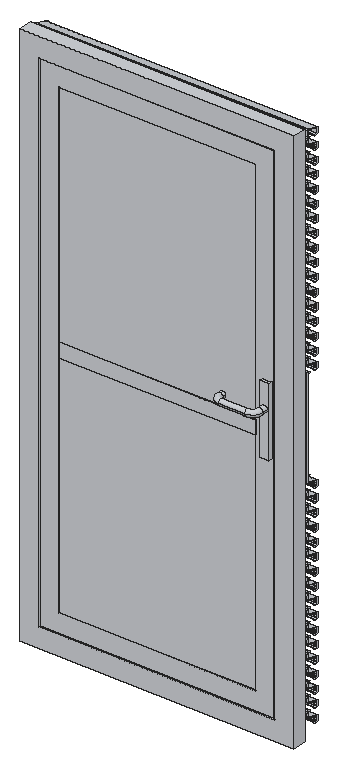
Revit family "NLRS_31_DO_WB_HJ44 enkele deur-AV_jazo_jazo", category Doors, host Wall, Revit 2020 (continued)
Definition of nested family "NLRS_31_GM_UN_aluminium planken opbouwroosters-AV"
  Definition of nested family "NLRS_31_GM_UN_tussenplank 100-AV"
    Parameters (values of type "tussenplank 100")
      Manufacturer = "Jazo Zevenaar bv"
      Description = "Aluminium tussenplank 100mm"
      Default Elevation = 0 mm
      Assembly Code = "23.30.10.11"
    Reference planes
      plane 1 "Center (Front/Back)": y = 0
      plane 2 "Bottom": z = 0
      plane 3 "Center (Left/Right)": x = 0
      plane 4 "Left": x = -52.5
      plane 5 "Right": x = 52.5
      plane 6 "Top": z = 2334
    Forms (mm)
      Extrusion 1, solid, material <- "NLRS_C_materiaal", visible <- "NLRS_C_zichtbaar_01"
        sketch origin (0, -15.008, 0) x (1, 0, 0) y (0, 1, 0)
          loop
            line (47.015, 30) -> (-52.5, 30) -> (-52.5, 28) -> (-49.253, 28) -> (-47.015, 22.295) -> (-47.015, 7.721) -> (-49.253, 2) -> (-52.5, 2) -> (-52.5, 0) -> (47.015, 0) -> (47.015, 2.5) -> (50.42, 2.5) -> (52.5, 7.815) -> (52.5, 22.2) -> (50.42, 27.5) -> (47.015, 27.5) -> (47.015, 30)
          loop
            line (-44.5, 2) -> (-36.3, 2) -> (-36.3, 4.5) -> (-34.3, 4.5) -> (-34.3, 2) -> (45.015, 2) -> (45.015, 4.25) -> (49.8, 4.25) -> (49.8, 25.75) -> (45.015, 25.75) -> (45.015, 28) -> (-34.3, 28) -> (-34.3, 25.5) -> (-36.3, 25.5) -> (-36.3, 28) -> (-44.5, 28) -> (-44.5, 2)
        from 0 to 2334
    Dimensions and locks
      equal spacing: plane 4 "Left", plane 3 "Center (Left/Right)", plane 5 "Right"
      "NLRS_C_breedte": plane 4 "Left" to plane 5 "Right"
      "NLRS_C_hoogte": plane 6 "Top" to plane 2 "Bottom"
      aligned and locked: level to plane 2 "Bottom"
      aligned and locked: plane 6 "Top" to Extrusion 1
      aligned and locked: Extrusion 1 to level
    Automatic sketch dimensions
      Extrusion 1 sketch curve to plane 4 "Left" = 0 mm  (x2)
      Extrusion 1 sketch curve to plane 5 "Right" = 0 mm
      Extrusion 1 sketch curve to plane 4 "Left" = 3.247 mm  (x2)
      Extrusion 1 sketch curve to plane 4 "Left" = 5.485 mm
      Extrusion 1 sketch curve to Extrusion 1 sketch curve = 4.753 mm
      Extrusion 1 sketch curve to Extrusion 1 sketch curve = 8.2 mm  (x2)
      Extrusion 1 sketch curve to Extrusion 1 sketch curve = 2 mm  (x6)
      plane 5 "Right" to Extrusion 1 sketch curve = 7.485 mm  (x2)
      plane 5 "Right" to Extrusion 1 sketch curve = 2.7 mm
      Extrusion 1 sketch curve to Extrusion 1 sketch curve = 0.62 mm  (x2)
      plane 1 "Center (Front/Back)" to Extrusion 1 sketch curve = 15.008 mm
      plane 1 "Center (Front/Back)" to Extrusion 1 sketch curve = 13.008 mm
      Extrusion 1 sketch curve to Extrusion 1 sketch curve = 0 mm  (x3)
      Extrusion 1 sketch curve to Extrusion 1 sketch curve = 2.5 mm  (x2)
      Extrusion 1 sketch curve to Extrusion 1 sketch curve = 2.25 mm
      Extrusion 1 sketch curve to Extrusion 1 sketch curve = 5.721 mm
      Extrusion 1 sketch curve to Extrusion 1 sketch curve = 3.565 mm
      Extrusion 1 sketch curve to plane 1 "Center (Front/Back)" = 7.192 mm
      Extrusion 1 sketch curve to plane 1 "Center (Front/Back)" = 7.287 mm
      Extrusion 1 sketch curve to plane 1 "Center (Front/Back)" = 10.492 mm
      Extrusion 1 sketch curve to Extrusion 1 sketch curve = 3.55 mm
      Extrusion 1 sketch curve to Extrusion 1 sketch curve = 1.75 mm
      Extrusion 1 sketch curve to Extrusion 1 sketch curve = 0.5 mm
  Definition of nested family "NLRS_31_GM_UN_tussenplank 100 horziontaal-AV"
    Parameters (values of type "tussenplank 100mm horzitontaal boven")
      URL = "www.jazo.com"
      NLRS_C_zichtbaar_02 = yes
      NLRS_C_zichtbaar_01 = no
      NLRS_C_materiaal = none
      NLRS_C_hoogte = 105 mm  # constant formula
      NLRS_C_breedte = 1153 mm
      Model = ""
      Manufacturer = "Jazo Zevenaar bv"
      Description = "Aluminium tussenplank 100mm horzitontaal boven"
      Default Elevation = 0 mm
      Assembly Code = "23.30.10.11"
    Types (2, lengths in mm): name | NLRS_C_zichtbaar_02 | NLRS_C_zichtbaar_01 | Description
      tussenplank 100mm horzitontaal boven | yes | no | "Aluminium tussenplank 100mm horzitontaal boven"
      tussenplank 100mm horzitontaal onder | no | yes | "Aluminium tussenplank 100mm horzitontaal onder"
    Reference planes
      plane 1 "Center (Front/Back)": y = 0
      plane 2 "Bottom": z = 0
      plane 3 "Center (Left/Right)": x = 0
      plane 4 "Left": x = -576.5
      plane 5 "Right": x = 576.5
      plane 6 "Top": z = 105
    Forms (mm)
      Extrusion 1, solid, material <- "NLRS_C_materiaal", visible <- "NLRS_C_zichtbaar_01"
        sketch origin (0, 0, 0) x (0, 1, 0) y (0, 0, 1)
          loop
            line (14.992, 99.515) -> (12.492, 99.515) -> (12.492, 102.92) -> (7.192, 105) -> (-7.192, 105) -> (-12.508, 102.92) -> (-12.508, 99.515) -> (-15.008, 99.515) -> (-15.008, 0) -> (-13.008, 0) -> (-13.008, 3.247) -> (-7.287, 5.485) -> (7.287, 5.485) -> (12.992, 3.247) -> (12.992, 0) -> (14.992, 0) -> (14.992, 99.515)
          loop
            line (-13.008, 8) -> (12.992, 8) -> (12.992, 16.2) -> (10.492, 16.2) -> (10.492, 18.2) -> (12.992, 18.2) -> (12.992, 97.515) -> (10.742, 97.515) -> (10.742, 102.3) -> (-10.758, 102.3) -> (-10.758, 97.515) -> (-13.008, 97.515) -> (-13.008, 18.2) -> (-10.508, 18.2) -> (-10.508, 16.2) -> (-13.008, 16.2) -> (-13.008, 8)
        from -576.5 to 576.5
      Extrusion 2, solid, material <- "NLRS_C_materiaal", visible <- "NLRS_C_zichtbaar_02"
        sketch origin (0, -0.008, 105) x (0, -1, 0) y (0, 0, -1)
          loop
            line (14.992, 99.515) -> (12.492, 99.515) -> (12.492, 102.92) -> (7.192, 105) -> (-7.192, 105) -> (-12.508, 102.92) -> (-12.508, 99.515) -> (-15.008, 99.515) -> (-15.008, 0) -> (-13.008, 0) -> (-13.008, 3.247) -> (-7.287, 5.485) -> (7.287, 5.485) -> (12.992, 3.247) -> (12.992, 0) -> (14.992, 0) -> (14.992, 99.515)
          loop
            line (-13.008, 8) -> (12.992, 8) -> (12.992, 16.2) -> (10.492, 16.2) -> (10.492, 18.2) -> (12.992, 18.2) -> (12.992, 97.515) -> (10.742, 97.515) -> (10.742, 102.3) -> (-10.758, 102.3) -> (-10.758, 97.515) -> (-13.008, 97.515) -> (-13.008, 18.2) -> (-10.508, 18.2) -> (-10.508, 16.2) -> (-13.008, 16.2) -> (-13.008, 8)
        from -576.5 to 576.5
    Dimensions and locks
      equal spacing: plane 4 "Left", plane 3 "Center (Left/Right)", plane 5 "Right"
      "NLRS_C_breedte": plane 4 "Left" to plane 5 "Right"
      "NLRS_C_hoogte": plane 6 "Top" to plane 2 "Bottom"
      aligned and locked: level to plane 2 "Bottom"
      aligned and locked: plane 4 "Left" to Extrusion 1
      aligned and locked: Extrusion 1 to plane 5 "Right"
      aligned and locked: plane 4 "Left" to Extrusion 2
      aligned and locked: Extrusion 2 to plane 5 "Right"
    Automatic sketch dimensions
      plane 1 "Center (Front/Back)" to Extrusion 1 sketch curve = 15.008 mm
      Extrusion 1 sketch curve to Extrusion 1 sketch curve = 2 mm  (x5)
      level to Extrusion 1 sketch curve = 18.2 mm
      Extrusion 1 sketch curve to Extrusion 1 sketch curve = 0 mm  (x5)
      Extrusion 1 sketch curve to Extrusion 1 sketch curve = 2.5 mm  (x2)
      Extrusion 1 sketch curve to Extrusion 1 sketch curve = 2.25 mm
      Extrusion 1 sketch curve to Extrusion 1 sketch curve = 5.721 mm
      Extrusion 1 sketch curve to Extrusion 1 sketch curve = 3.565 mm
      Extrusion 1 sketch curve to Extrusion 1 sketch curve = 14.385 mm
      Extrusion 1 sketch curve to Extrusion 1 sketch curve = 14.574 mm
      level to Extrusion 1 sketch curve = 16.2 mm  (x2)
      Extrusion 1 sketch curve to Extrusion 1 sketch curve = 3.205 mm
      Extrusion 1 sketch curve to Extrusion 1 sketch curve = 3.55 mm
      Extrusion 1 sketch curve to Extrusion 1 sketch curve = 1.75 mm
      Extrusion 1 sketch curve to Extrusion 1 sketch curve = 0.5 mm
      level to Extrusion 1 sketch curve = 3.247 mm  (x2)
      Extrusion 1 sketch curve to Extrusion 1 sketch curve = 3.247 mm  (x2)
      Extrusion 1 sketch curve to Extrusion 1 sketch curve = 2.239 mm
      Extrusion 1 sketch curve to Extrusion 1 sketch curve = 4.753 mm
      Extrusion 1 sketch curve to Extrusion 1 sketch curve = 79.315 mm
      Extrusion 1 sketch curve to Extrusion 1 sketch curve = 2.785 mm
      Extrusion 1 sketch curve to Extrusion 1 sketch curve = 0.62 mm  (x2)
      Extrusion 1 sketch curve to Extrusion 1 sketch curve = 2.7 mm
      Extrusion 2 sketch curve to plane 6 "Top" = 0 mm  (x2)
      Extrusion 2 sketch curve to level = 0 mm
      level to Extrusion 2 sketch curve = 5.485 mm
      Extrusion 2 sketch curve to plane 1 "Center (Front/Back)" = 15 mm
      Extrusion 2 sketch curve to Extrusion 2 sketch curve = 2 mm  (x6)
      Extrusion 2 sketch curve to Extrusion 2 sketch curve = 0 mm  (x4)
      level to Extrusion 2 sketch curve = 2.08 mm  (x2)
      Extrusion 2 sketch curve to Extrusion 2 sketch curve = 2.5 mm  (x2)
      Extrusion 2 sketch curve to Extrusion 2 sketch curve = 2.25 mm
      Extrusion 2 sketch curve to Extrusion 2 sketch curve = 5.721 mm
      Extrusion 2 sketch curve to Extrusion 2 sketch curve = 3.565 mm
      Extrusion 2 sketch curve to Extrusion 2 sketch curve = 14.385 mm
      Extrusion 2 sketch curve to plane 6 "Top" = 5.485 mm
      Extrusion 2 sketch curve to Extrusion 2 sketch curve = 14.574 mm
      Extrusion 2 sketch curve to Extrusion 2 sketch curve = 3.205 mm
      Extrusion 2 sketch curve to Extrusion 2 sketch curve = 3.55 mm
      Extrusion 2 sketch curve to Extrusion 2 sketch curve = 1.75 mm
      Extrusion 2 sketch curve to Extrusion 2 sketch curve = 0.5 mm
      Extrusion 2 sketch curve to plane 6 "Top" = 3.247 mm
      Extrusion 2 sketch curve to Extrusion 2 sketch curve = 3.247 mm
      Extrusion 2 sketch curve to Extrusion 2 sketch curve = 4.753 mm
      Extrusion 2 sketch curve to Extrusion 2 sketch curve = 8.2 mm  (x2)
      Extrusion 2 sketch curve to Extrusion 2 sketch curve = 5.406 mm
      Extrusion 2 sketch curve to Extrusion 2 sketch curve = 0.62 mm
  Definition of nested family "NLRS_31_GM_UN_tussenplank 200 horizontaal-AV"
    Parameters (values of type "tussenplank 200mm")
      URL = "www.jazo.com"
      NLRS_C_zichtbaar_01 [instance] = yes
      NLRS_C_materiaal = none
      NLRS_C_hoogte = 205 mm  # constant formula
      NLRS_C_breedte = 1027 mm
      Model = ""
      Manufacturer = "Jazo Zevenaar bv"
      Description = "Aluminium tussenplank 200mm"
      Default Elevation = 0 mm
      Assembly Code = "23.30.10.11"
    Reference planes
      plane 1 "Center (Front/Back)": y = 0
      plane 2 "Bottom": z = 0
      plane 3 "Center (Left/Right)": x = 0
      plane 4 "Top": z = 205
      plane 5 "Left": x = -513.5
      plane 6 "Right": x = 513.5
      plane 7 "Center (Elevation)": z = 102.5
    Forms (mm)
      Extrusion 1, solid, material <- "NLRS_C_materiaal"
        sketch origin (0, 0, 0) x (0, 1, 0) y (0, 0, 1)
          loop
            line (14.992, 101.796) -> (14.284, 102.504) -> (14.992, 103.212) -> (14.992, 199.515) -> (12.492, 199.515) -> (12.492, 202.92) -> (7.192, 205) -> (-7.192, 205) -> (-12.508, 202.92) -> (-12.508, 199.515) -> (-15.008, 199.515) -> (-15.008, 103.207) -> (-14.301, 102.5) -> (-15.008, 101.793) -> (-15.008, 0) -> (-13.008, 0) -> (-13.008, 3.21) -> (-7.192, 5.485) -> (7.192, 5.485) -> (12.992, 3.21) -> (12.992, 0) -> (14.992, 0) -> (14.992, 101.796)
          loop
            line (-13.008, 8) -> (12.992, 8) -> (12.992, 16.2) -> (10.492, 16.2) -> (10.492, 18.2) -> (12.992, 18.2) -> (12.992, 103.907) -> (-13.008, 103.907) -> (-13.008, 18.2) -> (-10.508, 18.2) -> (-10.508, 16.2) -> (-13.008, 16.2) -> (-13.008, 8)
          loop
            line (-13.008, 105.907) -> (12.992, 105.907) -> (12.992, 197.515) -> (10.742, 197.515) -> (10.742, 202.3) -> (-10.758, 202.3) -> (-10.758, 197.515) -> (-13.008, 197.515) -> (-13.008, 105.907)
        from -513.5 to 513.5
    Dimensions and locks
      equal spacing: plane 5 "Left", plane 3 "Center (Left/Right)", plane 6 "Right"
      "NLRS_C_breedte": plane 5 "Left" to plane 6 "Right"
      "NLRS_C_hoogte": plane 4 "Top" to plane 2 "Bottom"
      equal spacing: plane 4 "Top", plane 7 "Center (Elevation)", level
      aligned and locked: level to plane 2 "Bottom"
      aligned and locked: plane 5 "Left" to Extrusion 1
      aligned and locked: Extrusion 1 to plane 6 "Right"
    Automatic sketch dimensions
      plane 1 "Center (Front/Back)" to Extrusion 1 sketch curve = 15.008 mm
      Extrusion 1 sketch curve to Extrusion 1 sketch curve = 0 mm  (x5)
      Extrusion 1 sketch curve to Extrusion 1 sketch curve = 0.707 mm  (x2)
      Extrusion 1 sketch curve to Extrusion 1 sketch curve = 2 mm  (x8)
      Extrusion 1 sketch curve to Extrusion 1 sketch curve = 1.293 mm
      Extrusion 1 sketch curve to Extrusion 1 sketch curve = 2.5 mm  (x2)
      Extrusion 1 sketch curve to Extrusion 1 sketch curve = 1.75 mm  (x2)
      Extrusion 1 sketch curve to Extrusion 1 sketch curve = 3.565 mm
      Extrusion 1 sketch curve to Extrusion 1 sketch curve = 5.815 mm
      Extrusion 1 sketch curve to Extrusion 1 sketch curve = 14.385 mm  (x2)
      level to Extrusion 1 sketch curve = 18.2 mm  (x2)
      Extrusion 1 sketch curve to Extrusion 1 sketch curve = 3.3 mm
      Extrusion 1 sketch curve to Extrusion 1 sketch curve = 3.55 mm
      Extrusion 1 sketch curve to Extrusion 1 sketch curve = 5.8 mm
      Extrusion 1 sketch curve to Extrusion 1 sketch curve = 1.292 mm
      Extrusion 1 sketch curve to Extrusion 1 sketch curve = 0.708 mm  (x3)
      Extrusion 1 sketch curve to Extrusion 1 sketch curve = 8.2 mm
      Extrusion 1 sketch curve to Extrusion 1 sketch curve = 2.515 mm
      Extrusion 1 sketch curve to Extrusion 1 sketch curve = 4.79 mm  (x2)
      Extrusion 1 sketch curve to Extrusion 1 sketch curve = 3.21 mm  (x2)
      level to Extrusion 1 sketch curve = 101.793 mm
      Extrusion 1 sketch curve to Extrusion 1 sketch curve = 0.003 mm
      Extrusion 1 sketch curve to Extrusion 1 sketch curve = 1.407 mm
      Extrusion 1 sketch curve to Extrusion 1 sketch curve = 91.607 mm
      Extrusion 1 sketch curve to Extrusion 1 sketch curve = 2.785 mm
      Extrusion 1 sketch curve to Extrusion 1 sketch curve = 0.62 mm  (x2)
      Extrusion 1 sketch curve to Extrusion 1 sketch curve = 2.7 mm
Definition of nested family "NLRS_31_DI_UN_markering"
  Parameters (values of type "NLRS_C_31_DI_markering")
    URL = "www.jazo.com"
    NLRS_C_zichtbaar_01 = if(or(NLRS_C_brandwerend, NLRS_C_zelfsluitend), 1 < 2, 2 < 1)  # no
    NLRS_C_zelfsluitend = no
    NLRS_C_brandwerend = no
    Manufacturer = "JAZO Zevenaar bv"
    Description = "Markering detail"
  Reference planes
    plane 1 "Center (Front/Back)": y = 0
    plane 2: z = 0
    plane 3 "Center (Left/Right)": x = 0
    plane 4 "voorkant kozijn": y = 30
    plane 5 "achterkant kozijn": y = -30
    plane 6 "Right": x = 20
    plane 7 "Left": x = -20
    plane 8 "offset left": x = -25
    plane 9 "offset right": x = 25
    plane 10 "achterkant": y = -129.538
    plane 11 "voorkant": y = 129.538
  Lines and regions (mm)
    detail lines, in view "Ref. Level", visible <- "NLRS_C_zichtbaar_01"
      curve 1: line (0, -129.538, 0) -> (0, 129.538, 0)
    detail lines, in view "Ref. Level", visible <- "NLRS_C_brandwerend"
      curve 2: line (-20, -129.538, 0) -> (20, -101.53, 0)
      curve 3: line (20, -129.538, 0) -> (-20, -101.53, 0)
      curve 4: line (-20, -101.53, 0) -> (20, -73.522, 0)
      curve 5: line (20, -101.53, 0) -> (-20, -73.522, 0)
      curve 6: line (-20, 129.538, 0) -> (20, 101.53, 0)
      curve 7: line (20, 129.538, 0) -> (-20, 101.53, 0)
      curve 8: line (-20, 101.53, 0) -> (20, 73.522, 0)
      curve 9: line (20, 101.53, 0) -> (-20, 73.522, 0)
    detail lines, in view "Ref. Level", visible <- "NLRS_C_zelfsluitend"
      curve 10: line (-25, -70.021, 0) -> (25, -35.01, 0)
      curve 11: line (25, -35.01, 0) -> (-25, 0, 0)
      curve 12: line (-25, 0, 0) -> (25, 35.01, 0)
      curve 13: line (25, 35.01, 0) -> (-25, 70.021, 0)
  Dimensions and locks
    equal spacing: plane 5 "achterkant kozijn", plane 1 "Center (Front/Back)", plane 4 "voorkant kozijn"
    equal spacing: plane 7 "Left", plane 3 "Center (Left/Right)", plane 6 "Right"
    locked: plane 7 "Left" to plane 6 "Right" at 40
    locked: plane 8 "offset left" to plane 7 "Left" at 5
    locked: plane 6 "Right" to plane 9 "offset right" at 5
    equal spacing: plane 11 "voorkant", plane 1 "Center (Front/Back)", plane 10 "achterkant"
    locked: plane 11 "voorkant" to plane 10 "achterkant" at 259.077
    locked: plane 5 "achterkant kozijn" to plane 4 "voorkant kozijn" at 60
    aligned and locked: plane 3 "Center (Left/Right)" to curve 1
  Automatic sketch dimensions
    curve 12 to plane 8 "offset left" = 0 mm
    curve 10 to plane 8 "offset left" = 0 mm
    curve 13 to plane 8 "offset left" = 0 mm
    curve 3 to plane 7 "Left" = 0 mm
    curve 8 to plane 7 "Left" = 0 mm
    curve 9 to plane 7 "Left" = 0 mm
    curve 5 to plane 7 "Left" = 0 mm
    curve 6 to plane 7 "Left" = 0 mm
    curve 8 to plane 6 "Right" = 0 mm
    curve 9 to plane 6 "Right" = 0 mm
    curve 7 to plane 6 "Right" = 0 mm
    curve 2 to plane 6 "Right" = 0 mm
    curve 3 to plane 6 "Right" = 0 mm
    curve 4 to plane 6 "Right" = 0 mm
    curve 13 to plane 9 "offset right" = 0 mm
    curve 11 to plane 9 "offset right" = 0 mm
    plane 5 "achterkant kozijn" to curve 3 = 71.53 mm
    curve 3 to curve 2 = 0 mm
    plane 5 "achterkant kozijn" to curve 10 = 5.01 mm
    plane 1 "Center (Front/Back)" to curve 12 = 0 mm
    curve 12 to plane 4 "voorkant kozijn" = 5.01 mm
    curve 12 to curve 6 = 66.52 mm
    curve 7 to curve 6 = 0 mm
    curve 3 to curve 2 = 28.008 mm
    curve 2 to curve 4 = 28.008 mm
    curve 3 to curve 5 = 28.008 mm
    curve 5 to curve 10 = 3.501 mm
    curve 13 to curve 7 = 31.509 mm
    curve 8 to curve 6 = 28.008 mm
    curve 13 to curve 9 = 3.501 mm
    curve 7 to curve 1 = 28.008 mm
    curve 6 to curve 1 = 0 mm
    curve 1 to curve 7 = 0 mm
    curve 2 to plane 7 "Left" = 0 mm
    curve 2 to curve 3 = 28.008 mm
    curve 1 to curve 3 = 0 mm
Definition of nested family "NLRS_31_GA_UN_error message"
  Parameters (values of type "NLRS_31_GA_UN_error mesage")
    NLRS_C_zichtbaar_10 = if(NLRS_C_zichtbaar_01, 1 < 2, if(NLRS_C_zichtbaar_02, 1 < 2, if(NLRS_C_zichtbaar_03, 1 < 2, if(NLRS_C_zichtbaar_04, 1 < 2, if(NLRS_C_zichtbaar_05, 1 < 2, 2 < 1)))))  # yes
    NLRS_C_zichtbaar_05 = if(and(JAZO_C_aluminium kozijn, NLRS_C_brandwerend), 1 < 2, 2 < 1)  # yes
    NLRS_C_zichtbaar_04 = if(NLRS_C_breedte < NLRS_C_breedte_min, 1 < 2, 2 < 1)  # no
    NLRS_C_zichtbaar_03 = if(NLRS_C_breedte > NLRS_C_breedte_max, 1 < 2, 2 < 1)  # no
    NLRS_C_zichtbaar_02 = if(NLRS_C_hoogte < NLRS_C_hoogte_min, 1 < 2, 2 < 1)  # no
    NLRS_C_zichtbaar_01 = if(NLRS_C_hoogte > NLRS_C_hoogte_max, 1 < 2, 2 < 1)  # no
    NLRS_C_hoogte_min = 1850 mm
    NLRS_C_hoogte_max = 2645 mm
    NLRS_C_hoogte = 2500 mm
    NLRS_C_breedte_min = 850 mm
    NLRS_C_breedte_max = 1661 mm
    NLRS_C_breedte = 1000 mm
    NLRS_C_brandwerend = yes
    JAZO_C_aluminium kozijn = yes
  Reference planes
    plane 1: y = 0
    plane 2: x = 0
  Lines and regions (mm)
    Filled region 1, type "Zwart", not visible
      outline origin (253.64, 140.595, 0) x (1, 0, 0) y (0, 1, 0)
        loop
          line (134.592, 287.146) -> (41.891, 131.062)
          arc (41.891, 131.062) -> (41.863, 128.047) -> (44.47, 126.53) r 3
          line (44.47, 126.53) -> (229.873, 126.53)
          arc (229.873, 126.53) -> (232.48, 128.047) -> (232.452, 131.062) r 3
          line (232.452, 131.062) -> (139.751, 287.146)
          arc (139.751, 287.146) -> (137.171, 288.614) -> (134.592, 287.146) r 3
        loop
          line (62.04, 139.53) -> (212.303, 139.53) -> (137.171, 266.031) -> (62.04, 139.53)
    Filled region 2, type "Geel", not visible
      outline origin (253.64, 140.595, 0) x (1, 0, 0) y (0, 1, 0)
        loop
          line (62.04, 139.53) -> (212.303, 139.53) -> (137.171, 266.031) -> (62.04, 139.53)
    Filled region 3, type "Zwart", not visible
      outline origin (253.64, 140.595, 0) x (1, 0, 0) y (0, 1, 0)
        loop
          line (127.78, 234.406) -> (132.476, 171.156) -> (141.867, 171.156) -> (146.563, 234.406) -> (127.78, 234.406)
        loop
          circle (137.171, 160.994) r 7.044
    Filled region 4, type "Rood 2", visible <- "NLRS_C_zichtbaar_10"
      outline origin (0, 0, 0) x (1, 0, 0) y (0, 1, 0)
        loop
          line (-50, 14) -> (-50, -14) -> (50, -14) -> (50, 14) -> (-50, 14)
  Text (mm)
    text "Error: Height > Max Height" at (-1.89, -0.035, 0), visible <- "NLRS_C_zichtbaar_01"
    text "Error: Height < Min Height" at (-1.89, -0.035, 0), visible <- "NLRS_C_zichtbaar_02"
    text "Error: Width > Max Width" at (-1.89, -6.035, 0), visible <- "NLRS_C_zichtbaar_03"
    text "Error: Width < Min Width" at (-1.89, -6.035, 0), visible <- "NLRS_C_zichtbaar_04"
    text "Error: Aluminium kozijn ≠ brandwerend" at (-1.89, 5.965, 0), visible <- "NLRS_C_zichtbaar_05"
  Dimensions and locks
    equal spacing: Filled region 4 sketch curve, plane 1, Filled region 4 sketch curve
    Filled region 4 sketch curve to Filled region 4 sketch curve = 28 mm
    plane 1 to Filled region 4 sketch curve = 14 mm
    equal spacing: Filled region 4 sketch curve, plane 2, Filled region 4 sketch curve
    Filled region 4 sketch curve to plane 2 = 50 mm
Definition of nested family "NLRS_31_DI_UN_beslagbak detail HS42R HJ44"
  Parameters (values of type "beslagbak detail HS42R")
    URL = "www.jazo.com"
    Manufacturer = "JAZO Zevenaar bv"
    JAZO_C_opbouwrooster HS42R = no
    JAZO_C_forster presto kozijn = no
    JAZO_C_aluminium kozijn = no
    Description = "beslagbak detail HS42R"
  Reference planes
    plane 1 "Center (Front/Back)": y = 0
    plane 2: z = 0
    plane 3 "Center (Left/Right)": x = 0
    plane 4 "offset rechts": x = 99
    plane 5 "alu": y = -91
    plane 6 "st": y = -111
  Lines and regions (mm)
    Filled region 1, type "Solid Fill - White", in view "Ref. Level", visible <- "JAZO_C_aluminium kozijn"
      outline origin (0, 21.5, 0) x (1, 0, 0) y (0, 1, 0)
        loop
          line (11, -124.5) -> (16, -124.5) -> (16, -112.5) -> (-16, -112.5) -> (-16, -124.5) -> (-11, -124.5) -> (-11, -146.5)
          arc (-11, -146.5) -> (-15.027, -156.222) -> (-24.749, -160.249) r 13.749
          line (-24.749, -160.249) -> (-120.749, -160.249)
          arc (-120.749, -160.249) -> (-130.471, -156.222) -> (-134.497, -146.5) r 13.749
          line (-134.497, -146.5) -> (-134.497, -135.5) -> (-156.497, -135.5) -> (-156.497, -146.5)
          arc (-156.497, -146.5) -> (-146.027, -171.778) -> (-120.749, -182.249) r 35.749
          line (-120.749, -182.249) -> (-24.749, -182.249)
          arc (-24.749, -182.249) -> (0.529, -171.778) -> (11, -146.5) r 35.749
          line (11, -146.5) -> (11, -124.5)
    Filled region 2, type "Solid Fill - White", in view "Ref. Level", visible <- "JAZO_C_forster presto kozijn"
      outline origin (0, 1.5, 0) x (1, 0, 0) y (0, 1, 0)
        loop
          line (11, -124.5) -> (16, -124.5) -> (16, -112.5) -> (-16, -112.5) -> (-16, -124.5) -> (-11, -124.5) -> (-11, -146.5)
          arc (-11, -146.5) -> (-15.027, -156.222) -> (-24.749, -160.249) r 13.749
          line (-24.749, -160.249) -> (-120.749, -160.249)
          arc (-120.749, -160.249) -> (-130.471, -156.222) -> (-134.497, -146.5) r 13.749
          line (-134.497, -146.5) -> (-134.497, -135.5) -> (-156.497, -135.5) -> (-156.497, -146.5)
          arc (-156.497, -146.5) -> (-146.027, -171.778) -> (-120.749, -182.249) r 35.749
          line (-120.749, -182.249) -> (-24.749, -182.249)
          arc (-24.749, -182.249) -> (0.529, -171.778) -> (11, -146.5) r 35.749
          line (11, -146.5) -> (11, -124.5)
    Filled region 3, type "Solid Fill - White", in view "Ref. Level", visible <- "JAZO_C_opbouwrooster HS42R"
      outline origin (0, 21.5, 0) x (1, 0, 0) y (0, 1, 0)
        loop
          line (-25, -25.5) -> (-11, -25.5) -> (-11, -55.5) -> (-16, -55.5) -> (-16, -67.5) -> (16, -67.5) -> (16, -55.5) -> (11, -55.5) -> (11, -25.5) -> (25, -25.5) -> (25, -9.5) -> (-25, -9.5) -> (-25, -25.5)
    Filled region 4, type "Solid Fill - White", in view "Ref. Level", visible <- "JAZO_C_opbouwrooster HS42R"
      outline origin (0, 21.5, 0) x (1, 0, 0) y (0, 1, 0)
        loop
          line (95, -21.5) -> (93, -21.5) -> (93, -67.5) -> (-207.786, -67.5)
          arc (-207.786, -67.5) -> (-210.766, -68.734) -> (-212, -71.714) r 4.214
          line (-212, -71.714) -> (-212, -78.7) -> (-238, -78.7) -> (-238, -23.8) -> (-240, -23.8) -> (-240, -78.7)
          arc (-240, -78.7) -> (-239.414, -80.114) -> (-238, -80.7) r 2
          line (-238, -80.7) -> (-212, -80.7)
          arc (-212, -80.7) -> (-210.586, -80.114) -> (-210, -78.7) r 2
          line (-210, -78.7) -> (-210, -71.714)
          arc (-210, -71.714) -> (-209.41, -70.29) -> (-207.986, -69.7) r 2.014
          line (-207.986, -69.7) -> (95, -69.7) -> (95, -21.5)
    detail lines, in view "Ref. Level", visible <- "JAZO_C_aluminium kozijn"
      curve 1: line (-16, -103, 0) -> (16, -103, 0)
    detail lines, in view "Ref. Level", visible <- "JAZO_C_forster presto kozijn"
      curve 2: line (-16, -123, 0) -> (16, -123, 0)
    detail lines, in view "Ref. Level", visible <- "JAZO_C_opbouwrooster HS42R"
      curve 3: line (-11, -4, 0) -> (11, -4, 0)
      curve 4: line (-11, -34, 0) -> (11, -34, 0)
  Dimensions and locks
    locked: plane 3 "Center (Left/Right)" to plane 4 "offset rechts" at 99
    locked: plane 5 "alu" to plane 1 "Center (Front/Back)" at 91
    locked: plane 5 "alu" to plane 6 "st" at 20
Definition of nested family "NLRS_31_DI_UN_scharnier detail HS42R HJ44"
  Parameters (values of type "scharnier detail HS42R")
    URL = "www.jazo.com"
    Manufacturer = "JAZO Zevenaar bv"
    JAZO_C_forster presto kozijn = no
    JAZO_C_aluminium kozijn = yes
    Description = "scharnier detail HS42R"
  Reference planes
    plane 1 "Center (Front/Back)": y = 0
    plane 2: z = 0
    plane 3 "Center (Left/Right)": x = 0
    plane 4 "offset": x = 20
  Lines and regions (mm)
    Filled region 1, type "Solid Fill - White", in view "Ref. Level", visible <- "JAZO_C_forster presto kozijn"
      outline origin (0, 0, 0) x (1, 0, 0) y (0, 1, 0)
        loop
          line (95, 0) -> (95, 6)
          arc (95, 6) -> (93.536, 9.536) -> (90, 11) r 5
          line (90, 11) -> (33, 11)
          arc (33, 11) -> (27.343, 13.343) -> (25, 19) r 8
          line (25, 19) -> (25, 44.5) -> (15, 44.5) -> (15, 6) -> (19, 2) -> (44.5, 2) -> (44.5, 0) -> (95, 0)
        loop
          line (15.5, 49.5) -> (24.5, 49.5) -> (24.5, 58.5) -> (15.5, 58.5) -> (15.5, 49.5)
    Filled region 2, type "Solid Fill - White", in view "Ref. Level", visible <- "JAZO_C_forster presto kozijn"
      outline origin (0, -20, 0) x (1, 0, 0) y (0, 1, 0)
        loop
          circle (20, 74) r 9.5
    Filled region 3, type "Solid Fill - White", in view "Ref. Level", visible <- "JAZO_C_aluminium kozijn"
      outline origin (20.01, 61.5, 0) x (1, 0, 0) y (0, 1, 0)
        loop
          arc (-4, -61.5) -> (-3.293, -61.207) -> (-3, -60.5) r 1
          line (-3, -60.5) -> (-3, -12.49)
          arc (-3, -12.49) -> (-2.247, -10.702) -> (-0.442, -9.991) r 2.5
          arc (-0.442, -9.991) -> (1.661, -9.859) -> (3.69, -9.29) r 10
          arc (3.69, -9.29) -> (6.549, -9.038) -> (9.076, -10.4) r 5
          line (9.076, -10.4) -> (12.99, -14.314) -> (12.99, -60.5)
          arc (12.99, -60.5) -> (13.283, -61.207) -> (13.99, -61.5) r 1
          line (13.99, -61.5) -> (19.99, -61.5)
          arc (19.99, -61.5) -> (20.697, -61.207) -> (20.99, -60.5) r 1
          line (20.99, -60.5) -> (20.99, -11) -> (9.99, 0)
          arc (9.99, 0) -> (-1.629, 9.868) -> (-9.486, -3.195) r 10
          arc (-9.486, -3.195) -> (-9.518, -3.668) -> (-9.764, -4.074) r 1
          line (-9.764, -4.074) -> (-13, -7.31) -> (-13, -60.5)
          arc (-13, -60.5) -> (-12.707, -61.207) -> (-12, -61.5) r 1
          line (-12, -61.5) -> (-4, -61.5)
    detail lines, in view "Ref. Level", visible <- "JAZO_C_forster presto kozijn"
      curve 1: arc (11, 54, 0) -> (20, 45, 0) -> (29, 54, 0) r 9
      curve 2: arc (11.5, 54, 0) -> (20, 45.5, 0) -> (28.5, 54, 0) r 8.5
      curve 3: arc (28.5, 54, 0) -> (20, 62.5, 0) -> (11.5, 54, 0) r 8.5
      curve 4: arc (29, 54, 0) -> (20, 63, 0) -> (11, 54, 0) r 9
    detail lines, in view "Ref. Level", visible <- "JAZO_C_aluminium kozijn"
      curve 5: arc (10.524, 58.305, 0) -> (14.168, 53.376, 0) -> (20.004, 51.5, 0) r 10
      curve 6: arc (23.526, 52.137, 0) -> (28.23, 55.798, 0) -> (30.015, 61.485, 0) r 10
  Dimensions and locks
    locked: plane 3 "Center (Left/Right)" to plane 4 "offset" at 20
Definition of nested family "NLRS_31_GM_UN_scharnier aluminium HS42R HJ44-AV"
  Parameters (values of type "scharnier aluminium HS42R HJ44")
    URL = "www.jazo.com"
    NLRS_C_materiaal = none
    Model = ""
    Manufacturer = "JAZO Zevenaar bv"
    JAZO_C_aluminium kozijn = no
    Description = "scharnier aluminium HS42R HJ44"
    Default Elevation = 0 mm
    Assembly Code = "23.30.40.24.11"
  Reference planes
    plane 1 "Center (Front/Back)": y = 0
    plane 2 "Bottom": z = 0
    plane 3 "Center (Left/Right)": x = 0
    plane 4 "voorkant kozijn": y = -61.5
    plane 5 "Top": z = 180
    plane 6 "Left": x = -20
  Forms (mm)
    Extrusion 1, solid, material <- "NLRS_C_materiaal", visible <- "JAZO_C_aluminium kozijn"
      sketch origin (-333.442, 147.952, 0) x (0, -1, 0) y (1, 0, 0)
        loop
          arc (157.242, 337.147) -> (138.898, 337.692) -> (151.05, 323.939) r 10
          arc (151.05, 323.939) -> (151.573, 323.943) -> (152.026, 323.683) r 1
          line (152.026, 323.683) -> (155.262, 320.447) -> (208.452, 320.447)
          arc (208.452, 320.447) -> (209.159, 320.74) -> (209.452, 321.447) r 1
          line (209.452, 321.447) -> (209.452, 329.447)
          arc (209.452, 329.447) -> (209.159, 330.154) -> (208.452, 330.447) r 1
          line (208.452, 330.447) -> (160.442, 330.447)
          arc (160.442, 330.447) -> (158.639, 331.215) -> (157.944, 333.047) r 2.5
          arc (157.944, 333.047) -> (157.809, 335.134) -> (157.242, 337.147) r 10
      from 52.5 to 127.5
    Extrusion 2, solid, material <- "NLRS_C_materiaal", visible <- "JAZO_C_aluminium kozijn"
      sketch origin (-333.449, 147.952, 0) x (0, -1, 0) y (1, 0, 0)
        loop
          arc (147.952, 343.447) -> (142.34, 325.17) -> (157.242, 337.147) r 10
          arc (157.242, 337.147) -> (156.99, 340.006) -> (158.352, 342.533) r 5
          line (158.352, 342.533) -> (162.266, 346.447) -> (208.452, 346.447)
          arc (208.452, 346.447) -> (209.159, 346.74) -> (209.452, 347.447) r 1
          line (209.452, 347.447) -> (209.452, 353.447)
          arc (209.452, 353.447) -> (209.159, 354.154) -> (208.452, 354.447) r 1
          line (208.452, 354.447) -> (158.952, 354.447) -> (147.952, 343.447)
      from 130 to 180
    Extrusion 3, solid, material <- "NLRS_C_materiaal", visible <- "JAZO_C_aluminium kozijn"
      sketch origin (-333.452, 147.952, 0) x (0, -1, 0) y (1, 0, 0)
        loop
          arc (147.952, 343.447) -> (142.34, 325.17) -> (157.242, 337.147) r 10
          arc (157.242, 337.147) -> (156.99, 340.006) -> (158.352, 342.533) r 5
          line (158.352, 342.533) -> (162.266, 346.447) -> (208.452, 346.447)
          arc (208.452, 346.447) -> (209.159, 346.74) -> (209.452, 347.447) r 1
          line (209.452, 347.447) -> (209.452, 353.447)
          arc (209.452, 353.447) -> (209.159, 354.154) -> (208.452, 354.447) r 1
          line (208.452, 354.447) -> (158.952, 354.447) -> (147.952, 343.447)
      from 0 to 50
    Extrusion 4, solid, material <- "NLRS_C_materiaal", visible <- "JAZO_C_aluminium kozijn"
      sketch origin (-333.449, 147.952, 0) x (0, -1, 0) y (1, 0, 0)
        loop
          circle (147.952, 333.447) r 10
      from 50 to 52.5
    Extrusion 5, solid, material <- "NLRS_C_materiaal", visible <- "JAZO_C_aluminium kozijn"
      sketch origin (-333.447, 147.952, 0) x (0, -1, 0) y (1, 0, 0)
        loop
          circle (147.952, 333.447) r 10
      from 127.5 to 130
  Dimensions and locks
    locked: plane 6 "Left" to plane 3 "Center (Left/Right)" at 20
    locked: plane 4 "voorkant kozijn" to plane 1 "Center (Front/Back)" at 61.5
    aligned and locked: level to plane 2 "Bottom"
    aligned and locked: Extrusion 2 to plane 4 "voorkant kozijn"
    aligned and locked: Extrusion 3 to plane 4 "voorkant kozijn"
    aligned and locked: Extrusion 1 to plane 4 "voorkant kozijn"
Definition of nested family "NLRS_31_GM_UN_door swing"
  Parameters (values of type "door swing")
    URL = "www.jazo.com"
    NLRS_C_hoek [instance] = 50.00°
    NLRS_C_breedte [instance] = 1000 mm
    Model = "Door swing"
    Manufacturer = "JAZO Zevenaar bv"
    Description = "Door swing"
    Default Elevation = 0 mm
  Reference planes
    plane 1 "Center (Front/Back)": y = 0
    plane 2: z = 0
    plane 3 "Center (Left/Right)": x = 0
    plane 4 "Left": x = -1000
  Lines and regions (mm)
    reference lines
      curve 1: line (0, 0, 0) -> (-642.788, 766.044, 0)
    model lines
      curve 2: line (0, 0, 0) -> (-642.788, 766.044, 0)
      curve 3: arc (-1000, 0, 0) -> (-906.308, 422.618, 0) -> (-642.788, 766.044, 0) r 1000
  Dimensions and locks
    "NLRS_C_breedte": plane 4 "Left" to plane 3 "Center (Left/Right)"
    "NLRS_C_breedte": curve 1 to curve 1
    "NLRS_C_hoek": angle curve 1 to plane 1 "Center (Front/Back)"
    aligned and locked: level to plane 2
    aligned and locked: plane 3 "Center (Left/Right)" to curve 1
    aligned and locked: plane 1 "Center (Front/Back)" to curve 1
    aligned and locked: curve 2 to curve 1
    aligned and locked: plane 3 "Center (Left/Right)" to curve 3
    aligned and locked: plane 1 "Center (Front/Back)" to curve 3  (x2)
    aligned and locked: curve 1 to curve 3
    aligned and locked: plane 4 "Left" to curve 3
  Automatic sketch dimensions
    plane 1 "Center (Front/Back)" to curve 2 = 0 mm
Definition of nested family "NLRS_31_GA_UN_error message paniekfunctie"
  Parameters (values of type "error message")
    NLRS_C_zichtbaar_01 = if(and(JAZO_C_paniekfunctie, JAZO_C_ventilerend, NLRS_C_inbraakwerend), 1 < 2, 2 < 1)  # yes
    NLRS_C_inbraakwerend = yes
    JAZO_C_ventilerend = yes
    JAZO_C_paniekfunctie = yes
  Reference planes
    plane 1: y = 0
    plane 2: x = 0
  Lines and regions (mm)
    Filled region 1, type "Zwart", not visible
      outline origin (253.64, 140.595, 0) x (1, 0, 0) y (0, 1, 0)
        loop
          line (134.592, 287.146) -> (41.891, 131.062)
          arc (41.891, 131.062) -> (41.863, 128.047) -> (44.47, 126.53) r 3
          line (44.47, 126.53) -> (229.873, 126.53)
          arc (229.873, 126.53) -> (232.48, 128.047) -> (232.452, 131.062) r 3
          line (232.452, 131.062) -> (139.751, 287.146)
          arc (139.751, 287.146) -> (137.171, 288.614) -> (134.592, 287.146) r 3
        loop
          line (62.04, 139.53) -> (212.303, 139.53) -> (137.171, 266.031) -> (62.04, 139.53)
    Filled region 2, type "Geel", not visible
      outline origin (253.64, 140.595, 0) x (1, 0, 0) y (0, 1, 0)
        loop
          line (62.04, 139.53) -> (212.303, 139.53) -> (137.171, 266.031) -> (62.04, 139.53)
    Filled region 3, type "Zwart", not visible
      outline origin (253.64, 140.595, 0) x (1, 0, 0) y (0, 1, 0)
        loop
          line (127.78, 234.406) -> (132.476, 171.156) -> (141.867, 171.156) -> (146.563, 234.406) -> (127.78, 234.406)
        loop
          circle (137.171, 160.994) r 7.044
    Filled region 4, type "Rood 2", visible <- "NLRS_C_zichtbaar_01"
      outline origin (0, 0, 0) x (1, 0, 0) y (0, 1, 0)
        loop
          line (-50, 14) -> (-50, -14) -> (50, -14) -> (50, 14) -> (-50, 14)
  Text (mm)
    text "De combinatie tussen inbraakwerend, ventilerend en paniekfunctie kan niet worden toegepast.\n1 van deze onderdelen moet worden uitgezet.\nVoor specificaties of mogelijkheden, neem contact op. " at (-0.015, -2.617, 0), visible <- "NLRS_C_zichtbaar_01"
    text "Error: paniekfunctie" at (-1.89, 5.965, 0), visible <- "NLRS_C_zichtbaar_01"
  Dimensions and locks
    equal spacing: Filled region 4 sketch curve, plane 1, Filled region 4 sketch curve
    Filled region 4 sketch curve to Filled region 4 sketch curve = 28 mm
    plane 1 to Filled region 4 sketch curve = 14 mm
    equal spacing: Filled region 4 sketch curve, plane 2, Filled region 4 sketch curve
    Filled region 4 sketch curve to plane 2 = 50 mm
